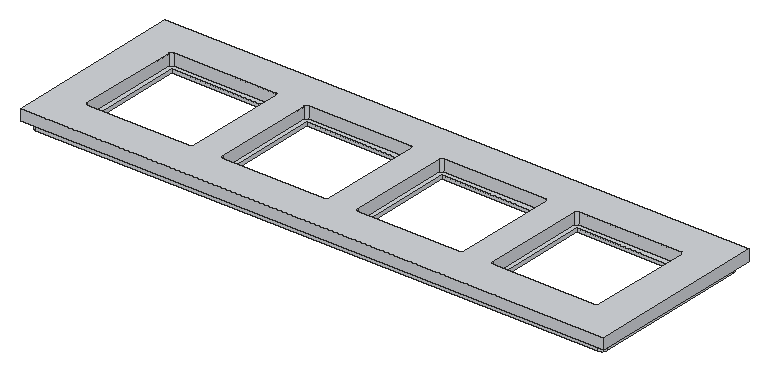
Revit family "Gira_0214122", category Electrical Fixtures, host Face, Revit 2017
Family settings
  Host = Face
  Maintain Annotation Orientation = No
  Round Connector Dimension = Use Diameter
  Part Type = Normal
  Cut with Voids When Loaded = No
  Shared = No
  Room Calculation Point = No
Parameters (values of type "Cov.fr. 4-g Gira Esprit umber gl.")
  With mounting grid = "No"
  With hinged lid = "No"
  URL = "http://katalog.gira.de/en/datenblatt.html?artikelnr=0214122"
  Type of fastening = "Clamp mounting"
  Transparent = "No"
  Surface protection = "Other"
  Suitable for wall duct = "No"
  Suitable for flush-mounted installation = "Yes"
  Suitable for floor box = "No"
  Suitable for built-in installation = "No"
  Number of units vertical = "4"
  Number of units horizontal = "4"
  Number of units = "4"
  Name = "Cov.fr. 4-g Gira Esprit umber gl."
  Mounting direction = "Horizontal and vertical"
  Material quality = "Real glass"
  Material = "Glass"
  Manufacturer URL = "https://www.gira.de/"
  Manufacturer = "Gira"
  Label space/information surface = "No"
  Keynote = ""
  HeinzeBIM = "https://bimportal.heinze.de/bim/cov-fr-4-g-gira-esprit-umber-gl-/e15bb0c47ecbdde05a5f78bb146c6e230ec7a2f4"
  Halogen free = "No"
  HAN = "0214122"
  GTIN = "4010337076360"
  Description = "Cov.fr.4g Espr. GUm,Gira Esprit cover frame,umber glass,4-gang,"
  Degree of protection (IP) = "IP20"
  Default Elevation = 1219.2 mm
  Data sheet (1) = "https://katalog.gira.de/en/download.html?artikelnr=0214122"
  Colour = "Brown"
  Category = "Cover frame for domestic switching devices"
  BIM (1) = "https://media.stage.bim.site/public/gira/36a6b08/Espr._Rahmen_4fach.rfa"
  Available = "No"
Reference planes
  plane 1 "Center (Front/Back)": y = 0
  plane 2: z = 0
  plane 3 "Center (Left/Right)": x = 0
Forms (mm)
  Extrusion 1, solid, detail levels fine
    sketch origin (0, 0, 0) x (1, 0, 0) y (0, 1, 0)
      loop
        line (-154, 47.5) -> (-154, -47.5) -> (154, -47.5) -> (154, 47.5) -> (-154, 47.5)
      loop
        arc (-135.25, -26.8) -> (-134.811, -27.861) -> (-133.75, -28.3) r 1.5
        line (-133.75, -28.3) -> (-80.15, -28.3)
        arc (-80.15, -28.3) -> (-79.089, -27.861) -> (-78.65, -26.8) r 1.5
        line (-78.65, -26.8) -> (-78.65, 26.8)
        arc (-78.65, 26.8) -> (-79.089, 27.861) -> (-80.15, 28.3) r 1.5
        line (-80.15, 28.3) -> (-133.75, 28.3)
        arc (-133.75, 28.3) -> (-134.811, 27.861) -> (-135.25, 26.8) r 1.5
        line (-135.25, 26.8) -> (-135.25, -26.8)
      loop
        arc (-63.95, -26.8) -> (-63.511, -27.861) -> (-62.45, -28.3) r 1.5
        line (-62.45, -28.3) -> (-8.85, -28.3)
        arc (-8.85, -28.3) -> (-7.789, -27.861) -> (-7.35, -26.8) r 1.5
        line (-7.35, -26.8) -> (-7.35, 26.8)
        arc (-7.35, 26.8) -> (-7.789, 27.861) -> (-8.85, 28.3) r 1.5
        line (-8.85, 28.3) -> (-62.45, 28.3)
        arc (-62.45, 28.3) -> (-63.511, 27.861) -> (-63.95, 26.8) r 1.5
        line (-63.95, 26.8) -> (-63.95, -26.8)
      loop
        arc (7.35, -26.8) -> (7.789, -27.861) -> (8.85, -28.3) r 1.5
        line (8.85, -28.3) -> (62.45, -28.3)
        arc (62.45, -28.3) -> (63.511, -27.861) -> (63.95, -26.8) r 1.5
        line (63.95, -26.8) -> (63.95, 26.8)
        arc (63.95, 26.8) -> (63.511, 27.861) -> (62.45, 28.3) r 1.5
        line (62.45, 28.3) -> (8.85, 28.3)
        arc (8.85, 28.3) -> (7.789, 27.861) -> (7.35, 26.8) r 1.5
        line (7.35, 26.8) -> (7.35, -26.8)
      loop
        arc (78.65, -26.8) -> (79.089, -27.861) -> (80.15, -28.3) r 1.5
        line (80.15, -28.3) -> (133.75, -28.3)
        arc (133.75, -28.3) -> (134.811, -27.861) -> (135.25, -26.8) r 1.5
        line (135.25, -26.8) -> (135.25, 26.8)
        arc (135.25, 26.8) -> (134.811, 27.861) -> (133.75, 28.3) r 1.5
        line (133.75, 28.3) -> (80.15, 28.3)
        arc (80.15, 28.3) -> (79.089, 27.861) -> (78.65, 26.8) r 1.5
        line (78.65, 26.8) -> (78.65, -26.8)
    from 0 to 6
  Extrusion 2, solid, detail levels fine
    sketch origin (0, 0, 0) x (1, 0, 0) y (0, 1, 0)
      loop
        line (-132.85, -25.7) -> (-81.05, -25.7) -> (-81.05, 25.7) -> (-132.85, 25.7) -> (-132.85, -25.7)
      loop
        line (61.55, 25.7) -> (9.75, 25.7) -> (9.75, -25.7) -> (61.55, -25.7) -> (61.55, 25.7)
      loop
        arc (-149.85, -41.4) -> (-149.323, -42.673) -> (-148.05, -43.2) r 1.8
        line (-148.05, -43.2) -> (148.05, -43.2)
        arc (148.05, -43.2) -> (149.323, -42.673) -> (149.85, -41.4) r 1.8
        line (149.85, -41.4) -> (149.85, 41.4)
        arc (149.85, 41.4) -> (149.323, 42.673) -> (148.05, 43.2) r 1.8
        line (148.05, 43.2) -> (-148.05, 43.2)
        arc (-148.05, 43.2) -> (-149.323, 42.673) -> (-149.85, 41.4) r 1.8
        line (-149.85, 41.4) -> (-149.85, -41.4)
      loop
        line (-9.75, 25.7) -> (-61.55, 25.7) -> (-61.55, -25.7) -> (-9.75, -25.7) -> (-9.75, 25.7)
      loop
        line (132.85, 25.7) -> (81.05, 25.7) -> (81.05, -25.7) -> (132.85, -25.7) -> (132.85, 25.7)
    from -1.9 to 0
  Extrusion 3, solid, detail levels fine
    sketch origin (0, 0, 0) x (1, 0, 0) y (0, 1, 0)
      loop
        arc (-148.05, 44.4) -> (-150.171, 43.521) -> (-151.05, 41.4) r 3
        line (-151.05, 41.4) -> (-151.05, -41.4)
        arc (-151.05, -41.4) -> (-150.171, -43.521) -> (-148.05, -44.4) r 3
        line (-148.05, -44.4) -> (148.05, -44.4)
        arc (148.05, -44.4) -> (150.171, -43.521) -> (151.05, -41.4) r 3
        line (151.05, -41.4) -> (151.05, 41.4)
        arc (151.05, 41.4) -> (150.171, 43.521) -> (148.05, 44.4) r 3
        line (148.05, 44.4) -> (-148.05, 44.4)
      loop
        arc (-149.85, -41.4) -> (-149.323, -42.673) -> (-148.05, -43.2) r 1.8
        line (-148.05, -43.2) -> (148.05, -43.2)
        arc (148.05, -43.2) -> (149.323, -42.673) -> (149.85, -41.4) r 1.8
        line (149.85, -41.4) -> (149.85, 41.4)
        arc (149.85, 41.4) -> (149.323, 42.673) -> (148.05, 43.2) r 1.8
        line (148.05, 43.2) -> (-148.05, 43.2)
        arc (-148.05, 43.2) -> (-149.323, 42.673) -> (-149.85, 41.4) r 1.8
        line (-149.85, 41.4) -> (-149.85, -41.4)
    from -3.7 to 0
  Extrusion 4, solid, detail levels medium
    sketch origin (0, 0, 0) x (1, 0, 0) y (0, 1, 0)
      loop
        line (-154, 47.5) -> (-154, -47.5) -> (154, -47.5) -> (154, 47.5) -> (-154, 47.5)
    from 0 to 6
  Extrusion 5, solid, detail levels medium
    sketch origin (0, 0, 0) x (1, 0, 0) y (0, 1, 0)
      loop
        line (-154, 44.4) -> (-154, -44.4) -> (154, -44.4) -> (154, 44.4) -> (-154, 44.4)
    from -3.7 to 0
  Extrusion 6, solid, detail levels coarse
    sketch origin (0, 0, 0) x (1, 0, 0) y (0, 1, 0)
      loop
        line (-154, 47.5) -> (-154, -47.5) -> (154, -47.5) -> (154, 47.5) -> (-154, 47.5)
    from -3.7 to 6
Dimensions and locks
  aligned and locked: plane 2 to host face
  aligned and locked: level to host face
